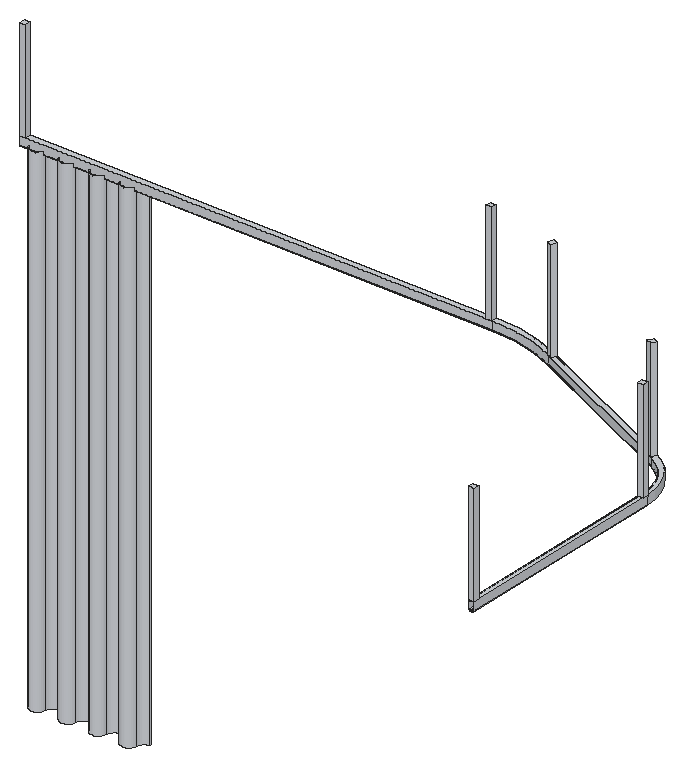
Revit family "Sample_Family_Nine", category Furniture Systems, Revit 2022
Family settings
  Round Connector Dimension = Use Diameter
  Part Type = Normal
  OmniClass Number = 23.40.95.11.31
  OmniClass Title = Movable or Retractable Screens
  Work Plane-Based = No
  Always vertical = Yes
  Cut with Voids When Loaded = No
  Shared = Yes
  Room Calculation Point = No
Parameters (values of type "FIRT-032.3")
  chamferLength_b_calc [instance] = DEPTH_BVN * sin(25.00°)  # 422.618 mm
  chamferLength_a_calc [instance] = DEPTH_BVN * cos(25.00°)  # 906.308 mm
  WIDTH_TWO_INSTANCE_BVN [instance] = 1000 mm
  WIDTH_BVN [instance] = 2000 mm
  Vis_Curtain [instance] = yes
  UniqueID = ""
  Show_Hanger [instance] = not(CEILING_HEIGHT_BVN - MOUNTING_HEIGHT_BVN < 1 mm)  # yes
  ShowCurtainOtherEnd [instance] = not(ShowCurtainOneEnd)  # no
  ShowCurtainOneEnd [instance] = yes
  ShowCurtainEndTwo [instance] = and(Vis_Curtain, ShowCurtainOtherEnd)  # no
  ShowCurtainEndOne [instance] = and(Vis_Curtain, ShowCurtainOneEnd)  # yes
  Responsibility = "AR"
  RADIUS = 300 mm
  ModifiedIssue = ""
  MOUNTING_HEIGHT_US_BVN = 0 mm
  MOUNTING_HEIGHT_TOP_BVN = 0 mm
  MOUNTING_HEIGHT_CENTRE_BVN = 0 mm
  MOUNTING_HEIGHT_BVN [instance] = 2300 mm
  MATERIAL_BVN = none
  Keynote = "FIRT-032"
  ItemGroup = "1"
  ItemDescription = "TRACK: curtain, privacy, L shaped - chamfer, 25 degree"
  ItemCode = "FIRT-032.3"
  Hanger_Length_BVN [instance] = if((CEILING_HEIGHT_BVN - MOUNTING_HEIGHT_BVN) < 1 mm, 10 mm, CEILING_HEIGHT_BVN - MOUNTING_HEIGHT_BVN)  # 400 mm
  HEIGHT_BVN = 0 mm
  DetailedCategory = ""
  Description = ""
  Default Elevation = 0 mm
  DEPTH_BVN [instance] = 1000 mm
  Curtain_Offset_From_Floor_BVN = 300 mm
  Copyright = "BVN"  # constant formula
  CEILING_HEIGHT_BVN [instance] = 2700 mm
  Author = "BVN"  # constant formula
  Assembly Code = "FIRT-032"
Reference planes
  plane 1 "Center (Front/Back)": y = 0
  plane 2: z = 0
  plane 3 "Center (Left/Right)": x = 0
  plane 4 "Curtain Track": z = 2300
  plane 5 "ceiling": z = 2700
  plane 6: x = -2000
  plane 7: x = 906.308
  plane 8: y = -422.618
  plane 9: y = -1422.618
  plane 10: y = -566.618
  plane 11: x = -144
  plane 12: through (0, 0, 1200) normal (0.4226, 0.9063, 0)
  plane 13: through (0, 0, 1200) normal (-0.9063, 0.4226, 0)
  plane 14: through (906.308, -422.618, 1200) normal (-0.9063, 0.4226, 0)
  plane 15: through (775.799, -361.761, 1200) normal (-0.9063, 0.4226, 0)
  plane 16: through (130.508, -60.857, 1200) normal (-0.9063, 0.4226, 0)
Forms (mm)
  Sweep 1, solid, material <- "MATERIAL_BVN"
    path origin (-314.183, -1524, 2300) x (-1, 0, 0) y (0, -1, 0)
      loop
        line (1685.817, -1524) -> (-170.183, -1524)
        arc (-170.183, -1524) -> (-310.77, -1508.603) -> (-444.691, -1463.143) r 649.542
        line (-444.691, -1463.143) -> (-1089.982, -1162.239)
        arc (-1089.982, -1162.239) -> (-1185.092, -1078.83) -> (-1220.491, -957.382) r 226.035
        line (-1220.491, -957.382) -> (-1220.491, -101.382)
    profile origin (-1072, 0, 2300) x (0, 1, 0) y (0, 0, 1)
      loop
        line (-10.5, 0) -> (-10.5, -34) -> (-6.5, -38) -> (-3, -38) -> (-3, -36) -> (-5.672, -36) -> (-8.5, -33.172) -> (-8.5, -2) -> (8.5, -2) -> (8.5, -33.172) -> (5.672, -36) -> (3, -36) -> (3, -38) -> (6.5, -38) -> (10.5, -34) -> (10.5, 0) -> (-10.5, 0)
  Extrusion 2, solid, material <- "MATERIAL_BVN", visible <- "Show_Hanger"
    sketch origin (1675.423, -2309.275, 2300) x (-1, 0, 0) y (0, -1, 0)
      loop
        line (3675.423, -2319.756) -> (3675.423, -2298.756) -> (3654.53, -2298.756) -> (3654.53, -2319.756) -> (3675.423, -2319.756)
      loop
        line (1840.423, -2319.775) -> (1840.423, -2298.775) -> (1819.423, -2298.775) -> (1819.423, -2319.775) -> (1840.423, -2319.775)
      loop
        line (914.914, -1966.78) -> (924.211, -1946.842) -> (904.273, -1937.544) -> (894.975, -1957.483) -> (914.914, -1966.78)
      loop
        line (1549.352, -2238.901) -> (1530.32, -2230.026) -> (1521.445, -2249.059) -> (1540.477, -2257.934) -> (1549.352, -2238.901)
      loop
        line (780.116, -1742.656) -> (780.116, -1720.656) -> (758.116, -1720.656) -> (758.116, -1742.656) -> (780.116, -1742.656)
      loop
        line (780.116, -908.656) -> (780.116, -886.656) -> (758.116, -886.656) -> (758.116, -908.656) -> (780.116, -908.656)
    from 0 to 400 <- "Hanger_Length_BVN"
Lines and regions (mm)
  symbolic lines, style "Ceiling Mounted"
    curve 1: line (-2000, 0, 0) -> (-144, 0, 0)
    curve 2: line (906.308, -566.618, 0) -> (906.308, -1422.618, 0)
    curve 3: arc (775.799, -361.761, 0) -> (870.909, -445.17, 0) -> (906.308, -566.618, 0) r 226.035
    curve 4: line (130.508, -60.857, 0) -> (775.799, -361.761, 0)
    curve 5: arc (-144, 0, 0) -> (-3.413, -15.397, 0) -> (130.508, -60.857, 0) r 649.542
Dimensions and locks
  "MOUNTING_HEIGHT_BVN": plane 4 "Curtain Track" to level
  locked: profile plane to Sweep 1 sketch curve at 38
  locked: profile plane to Sweep 1 sketch curve at 34  (x2)
  locked: profile plane to Sweep 1 sketch curve at 33.172  (x2)
  locked: profile plane to Sweep 1 sketch curve at 36
  "CEILING_HEIGHT_BVN": plane 5 "ceiling" to level
  "WIDTH_BVN": plane 6 to plane 3 "Center (Left/Right)"
  locked: plane 6 to Extrusion 2 sketch curve at 20.894
  Extrusion 2 sketch curve to plane 12 to Extrusion 2 sketch curve = 11 mm locked, 11 mm locked
  "chamferLength_b_calc": plane 8 to plane 1 "Center (Front/Back)"
  "WIDTH_TWO_INSTANCE_BVN": plane 8 to plane 9
  "chamferLength_a_calc": plane 3 "Center (Left/Right)" to plane 7
  locked: plane 8 to plane 10 at 144
  locked: plane 11 to plane 3 "Center (Left/Right)" at 144
  "DEPTH_BVN": plane 13 to plane 14
  locked: plane 15 to plane 14 at 144
  locked: plane 13 to plane 16 at 144
  locked: Extrusion 2 sketch curve to plane 15 at 22
  locked: plane 16 to Extrusion 2 sketch curve at 21
  Extrusion 2 sketch curve to plane 12 to Extrusion 2 sketch curve = 10.5 mm locked, 10.5 mm locked
  locked: plane 10 to Extrusion 2 sketch curve at 22
  locked: Extrusion 2 sketch curve to plane 7 at 11  (x2)
  locked: plane 7 to Extrusion 2 sketch curve at 11  (x2)
  locked: Extrusion 2 sketch curve to plane 9 at 22
  aligned and locked: level to plane 2
  aligned and locked: Sweep 1 sketch curve to Sweep 1 sketch curve  (x2)
  aligned and locked: Extrusion 2 to plane 4 "Curtain Track"
  aligned and locked: Sweep 1 sketch curve to plane 1 "Center (Front/Back)"
  aligned and locked: curve 1 to plane 1 "Center (Front/Back)"
  aligned and locked: Extrusion 2 sketch curve to Sweep 1  (x2)
  aligned and locked: nested 1 to plane 1 "Center (Front/Back)"
  aligned and locked: nested 1 to plane 6
  aligned and locked: plane 6 to Sweep 1 sketch curve
  aligned and locked: plane 6 to Extrusion 2 sketch curve
  aligned and locked: plane 10 to curve 2
  aligned and locked: curve 2 to plane 9
  aligned and locked: curve 2 to plane 7
  aligned and locked: nested 2 to plane 9
  aligned and locked: plane 7 to nested 2
  aligned and locked: Extrusion 2 sketch curve to plane 16
  aligned and locked: Extrusion 2 sketch curve to plane 9
  aligned and locked: curve 4 to plane 12
  aligned and locked: plane 15 to curve 4
  aligned and locked: plane 16 to curve 4
  aligned and locked: plane 11 to curve 1
  aligned and locked: plane 11 to Sweep 1 sketch curve
  aligned and locked: Sweep 1 sketch curve to plane 12
  aligned and locked: plane 16 to Sweep 1 sketch curve
  aligned and locked: plane 15 to Sweep 1 sketch curve
  aligned and locked: plane 10 to Sweep 1 sketch curve
  aligned and locked: Sweep 1 sketch curve to plane 9
  aligned and locked: Sweep 1 sketch curve to plane 7
Automatic sketch dimensions
  Sweep 1 sketch curve to profile plane = 0 mm
  profile plane to Sweep 1 sketch curve = 10.5 mm
  Sweep 1 sketch curve to Sweep 1 sketch curve = 2 mm  (x3)
  Sweep 1 sketch curve to Sweep 1 sketch curve = 0.828 mm  (x2)
  profile plane to Sweep 1 sketch curve = 3 mm
  Sweep 1 sketch curve to profile plane = 3 mm
  Sweep 1 sketch curve to Sweep 1 sketch curve = 2.672 mm
  Sweep 1 sketch curve to Sweep 1 sketch curve = 2.828 mm
  Sweep 1 sketch curve to profile plane = 2 mm
  Extrusion 2 sketch curve to plane 15 = 0 mm
  Extrusion 2 sketch curve to plane 11 = 0 mm
  Extrusion 2 sketch curve to plane 10 = 0 mm
  Extrusion 2 sketch curve to plane 11 = 21 mm
  Extrusion 2 sketch curve to plane 1 "Center (Front/Back)" = 10.481 mm
  plane 1 "Center (Front/Back)" to Extrusion 2 sketch curve = 10.519 mm
  curve 1 to plane 6 = 0 mm
Nested families
  nested 1: "Sample_Family_Eight" at (-2000, 0, 0), MOUNTING_HEIGHT_TO_TOP <- "MOUNTING_HEIGHT_BVN", visible <- "ShowCurtainEndOne", type "FQGE-009"
    with OFFSET_FROM_FLOOR 300 mm, MOUNTING_HEIGHT_TO_TOP 2300 mm, DetailedCategory "", Curtain_height_BVN 1975 mm, CEILING_HEIGHT_BVN 2700 mm
  nested 2: "Sample_Family_Eight" at (906.308, -1422.618, 0) x (0, 1, 0) z (0, 0, 1), MOUNTING_HEIGHT_TO_TOP <- "MOUNTING_HEIGHT_BVN", visible <- "ShowCurtainEndTwo", type "FQGE-009"
    with OFFSET_FROM_FLOOR 300 mm, MOUNTING_HEIGHT_TO_TOP 2300 mm, DetailedCategory "", Curtain_height_BVN 1975 mm, CEILING_HEIGHT_BVN 2700 mm
Definition of nested family "Sample_Family_Eight"
  Parameters (values of type "FQGE-009")
    WIDTH_BVN = 0 mm
    UniqueID = "4953"
    Responsibility = "AR"
    Offset_Top_Of_Curtain_BVN [instance] = 25 mm
    OFFSET_FROM_FLOOR [instance] = 300 mm
    ModifiedIssue = ""
    MOUNTING_HEIGHT_US_BVN = 0 mm
    MOUNTING_HEIGHT_TO_TOP [instance] = 2200 mm
    MOUNTING_HEIGHT_TOP_BVN = 0 mm
    Keynote = "FQGE-009"
    ItemGroup = "3"
    ItemDescription = "CURTAIN: bed screen"
    ItemCode = "FQGE-009"
    HEIGHT_BVN = 0 mm
    DetailedCategory [instance] = ""
    Description = ""
    Default Elevation = 0 mm
    DEPTH_BVN = 0 mm
    Curtain_height_BVN [instance] = MOUNTING_HEIGHT_TO_TOP - OFFSET_FROM_FLOOR - 25 mm  # 1875 mm
    Copyright = "BVN"  # constant formula
    CEILING_HEIGHT_BVN [instance] = 2700 mm
    Author = "BVN"  # constant formula
    Assembly Code = "FQGE-009"
  Reference planes
    plane 1 "Center (Front/Back)": y = 0
    plane 2: z = 0
    plane 3 "Center (Left/Right)": x = 0
    plane 4: z = 2700
    plane 5: z = 2200
    plane 6: z = 300
  Forms (mm)
    Extrusion 1, solid
      sketch origin (240, 0, 0) x (1, 0, 0) y (0, 1, 0)
        loop
          arc (240, -29.5) -> (219.14, -20.86) -> (210.5, 0) r 29.5
          arc (210.5, 0) -> (180, 30.5) -> (149.5, 0) r 30.5
          arc (149.5, 0) -> (120, -29.5) -> (90.5, 0) r 29.5
          arc (90.5, 0) -> (60, 30.5) -> (29.5, 0) r 30.5
          arc (29.5, 0) -> (0, -29.5) -> (-29.5, 0) r 29.5
          arc (-29.5, 0) -> (-60, 30.5) -> (-90.5, 0) r 30.5
          arc (-90.5, 0) -> (-120, -29.5) -> (-149.5, 0) r 29.5
          arc (-149.5, 0) -> (-180, 30.5) -> (-210.5, 0) r 30.5
          arc (-210.5, 0) -> (-219.14, -20.86) -> (-240, -29.5) r 29.5
          line (-240, -29.5) -> (-240, -30.5)
          arc (-240, -30.5) -> (-218.433, -21.567) -> (-209.5, 0) r 30.5
          arc (-209.5, 0) -> (-180, 29.5) -> (-150.5, 0) r 29.5
          arc (-150.5, 0) -> (-120, -30.5) -> (-89.5, 0) r 30.5
          arc (-89.5, 0) -> (-60, 29.5) -> (-30.5, 0) r 29.5
          arc (-30.5, 0) -> (0, -30.5) -> (30.5, 0) r 30.5
          arc (30.5, 0) -> (60, 29.5) -> (89.5, 0) r 29.5
          arc (89.5, 0) -> (120, -30.5) -> (150.5, 0) r 30.5
          arc (150.5, 0) -> (180, 29.5) -> (209.5, 0) r 29.5
          arc (209.5, 0) -> (218.433, -21.567) -> (240, -30.5) r 30.5
          line (240, -30.5) -> (240, -29.5)
      from 2175 to 300
  Lines and regions (mm)
    symbolic lines
      curve 1: line (0, -29.5, 0) -> (60, 29.5, 0)
      curve 2: line (60, 29.5, 0) -> (120, -29.5, 0)
      curve 3: line (120, -29.5, 0) -> (180, 29.5, 0)
      curve 4: line (180, 29.5, 0) -> (240, -29.5, 0)
      curve 5: line (240, -29.5, 0) -> (300, 29.5, 0)
      curve 6: line (300, 29.5, 0) -> (360, -29.5, 0)
      curve 7: line (360, -29.5, 0) -> (420, 29.5, 0)
      curve 8: line (420, 29.5, 0) -> (480, -29.5, 0)
  Dimensions and locks
    "CEILING_HEIGHT_BVN": plane 4 to level
    "MOUNTING_HEIGHT_TO_TOP": plane 5 to level
    "OFFSET_FROM_FLOOR": plane 6 to level
    "Offset_Top_Of_Curtain_BVN": plane 5 to Extrusion 1
    "Curtain_height_BVN": Extrusion 1 to plane 6
    aligned and locked: level to plane 2
    aligned and locked: Extrusion 1 to plane 6
  Automatic sketch dimensions
    Extrusion 1 sketch curve to Extrusion 1 sketch curve = 0 mm  (x24)
    plane 3 "Center (Left/Right)" to Extrusion 1 sketch curve = 240 mm
    plane 3 "Center (Left/Right)" to Extrusion 1 sketch curve = 210.5 mm
    Extrusion 1 sketch curve to Extrusion 1 sketch curve = 1 mm
    Extrusion 1 sketch curve to Extrusion 1 sketch curve = 29.5 mm  (x7)
    plane 1 "Center (Front/Back)" to Extrusion 1 sketch curve = 30.5 mm
    plane 1 "Center (Front/Back)" to Extrusion 1 sketch curve = 0 mm
    curve 1 to plane 3 "Center (Left/Right)" = 0 mm
    curve 2 to plane 1 "Center (Front/Back)" = 29.5 mm
    plane 3 "Center (Left/Right)" to curve 2 = 60 mm
    plane 1 "Center (Front/Back)" to curve 3 = 29.5 mm
    curve 1 to curve 3 = 60 mm
    curve 4 to plane 1 "Center (Front/Back)" = 29.5 mm
    curve 2 to curve 4 = 60 mm
    plane 1 "Center (Front/Back)" to curve 4 = 29.5 mm
    curve 3 to curve 4 = 60 mm
    curve 6 to plane 1 "Center (Front/Back)" = 29.5 mm
    curve 4 to curve 6 = 60 mm
    plane 1 "Center (Front/Back)" to curve 7 = 29.5 mm
    curve 5 to curve 7 = 60 mm
    curve 6 to curve 8 = 60 mm
    curve 7 to plane 1 "Center (Front/Back)" = 29.5 mm
    plane 1 "Center (Front/Back)" to curve 8 = 29.5 mm
    curve 7 to curve 8 = 60 mm
    plane 1 "Center (Front/Back)" to curve 1 = 29.5 mm
